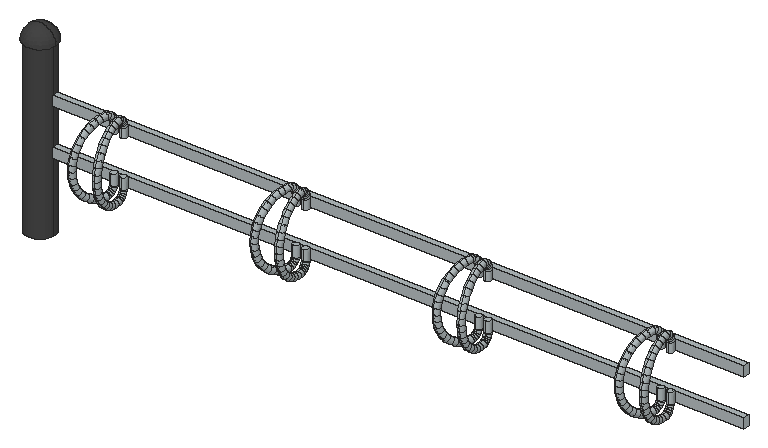
Revit family "Sirius 4 Pl Sned", category Furniture, Revit 2020
Family settings
  OmniClass Number = 23.21.23.13.15
  Work Plane-Based = No
  Always vertical = Yes
  Cut with Voids When Loaded = No
  Shared = No
  Room Calculation Point = No
Parameters (values of type "8003077 / Black - Galvanized")
  Uniclass 1.4 Description = "Furniture"
  Uniclass 1.4 Code = "L8211"
  URL = "https://www.hags.com/"
  QR code = "https://www.hags.com/en-us/furniture/park-and-urban-furniture/bicycle-storage/sirius-cycle-stand/not-applicable-cast-in-place-sned-4-pl-aug-2010-black-galv"
  Product url = "https://www.hags.com/en-us/furniture/park-and-urban-furniture/bicycle-storage/sirius-cycle-stand/not-applicable-cast-in-place-sned-4-pl-aug-2010-black-galv"
  Product name = "Sirius Cycle Stand Cast In Place 4 PL"
  Product data url = "https://bimobject.com/hags/product/sofa_sofiero_detached"
  Product SKU = "Sirius_Cycle_Stand_Detached"
  Product Guid = "90e49432-c870-4a59-897e-b15016e8f9bd"
  OmniClass Description = "BICYCLE STORAGE"
  OmniClass Code = "23-21 23 13 15"
  Model = "8003077"
  Manufacturer name = "HAGS"
  Manufacturer = "Hags"
  IFC Classification = "Furniture"
  Edition number = 1
  Description = ""
  Default Elevation = 0 mm
  Construction material = Hags - Steel - Powder coated - Black
  Body material_90 = Hags - Steel - Galvanized
  Body material = Hags - Steel - Galvanized
  BIMobject category = "PARK AND URBAN FURNITURE"
Reference planes
  plane 1 "Center (Front/Back)": y = 0
  plane 2: z = 0
  plane 3 "Center (Left/Right)": x = 0
Forms (mm)
  Extrusion 1, solid, material "Hags - Steel - Galvanized" <- "Body material"
    sketch origin (1.365, -9.603, 369.929) x (1, 0, 0) y (0, 1, 0)
      loop
        line (45, 10) -> (45, -10) -> (2269.901, -10) -> (2269.901, 10) -> (45, 10)
    from 10 to 40
  Extrusion 2, solid, material "Hags - Steel - Powder coated - Black" <- "Construction material"
    sketch origin (1.256, -9.603, 0) x (1, 0, 0) y (0, 1, 0)
      loop
        circle (0, 0) r 45
    from 0 to 549.709
  Revolve 3, solid, material "Hags - Steel - Powder coated - Black" <- "Construction material"
    sketch origin (-157.494, -9.976, 679.925) x (1, 0, 0) y (0, 0, -1)
      loop
        arc (158.761, 80.421) -> (194.116, 95.065) -> (208.761, 130.421) r 50
        line (208.761, 130.421) -> (207.761, 130.421)
        arc (207.761, 130.421) -> (193.409, 95.772) -> (158.761, 81.421) r 49
        line (158.761, 81.421) -> (158.761, 80.421)
      axis (158.761, 80.421) -> (158.761, 130.421)
    angle from 0 to 360
  Extrusion 4, solid, material "Hags - Steel - Galvanized" <- "Body material"
    sketch origin (1.365, -9.603, 220) x (1, 0, 0) y (0, 1, 0)
      loop
        line (45, 10) -> (45, -10) -> (2269.901, -10) -> (2269.901, 10) -> (45, 10)
    from 10 to 40
  Sweep 5, solid, material "Hags - Steel - Galvanized" <- "Body material"
    path in 3D
      loop
        line (284.399, -28.912, 379.243) -> (284.399, -28.912, 409.356) -> (284.665, -30.416, 417.342) -> (285.316, -34.108, 425.042) -> (286.286, -39.612, 430.632) -> (287.965, -49.133, 436.349) -> (289.347, -56.972, 437.365) -> (292.522, -74.978, 434.786) -> (295.203, -90.181, 431.456) -> (297.994, -106.011, 424.537) -> (300.723, -121.485, 415.172) -> (303.109, -135.021, 403.262) -> (305.21, -146.933, 388.659) -> (306.856, -156.271, 373.149) -> (308.013, -162.829, 356.943) -> (308.792, -167.247, 339.38) -> (309.009, -168.477, 321.297) -> (308.744, -166.976, 303.115) -> (308.016, -162.845, 285.057) -> (306.889, -156.455, 268.21) -> (305.171, -146.715, 252.347) -> (303.187, -135.458, 238.586) -> (300.759, -121.692, 226.912) -> (298.069, -106.433, 217.568) -> (295.162, -89.947, 210.351) -> (292.187, -73.075, 206.279) -> (288.99, -54.946, 204.888) -> (287.744, -47.88, 206.305) -> (286.375, -40.117, 210.646) -> (285.399, -34.582, 217.063) -> (284.552, -29.777, 225.614) -> (284.444, -29.163, 229.974) -> (284.444, -29.163, 262.737)
    profile origin (284.444, -29.163, 246.356) x (0, 1, 0) y (-1, 0, 0)
      loop
        circle (0, 0) r 10
  Sweep 6, solid, material "Hags - Steel - Galvanized" <- "Body material"
    path in 3D
      loop
        line (254.031, -29.133, 379.797) -> (254.031, -29.133, 409.91) -> (253.766, -30.637, 417.896) -> (253.115, -34.329, 425.596) -> (252.145, -39.834, 431.186) -> (250.466, -49.355, 436.903) -> (249.084, -57.193, 437.919) -> (245.909, -75.199, 435.34) -> (243.228, -90.403, 432.01) -> (240.437, -106.232, 425.091) -> (237.708, -121.706, 415.726) -> (235.321, -135.242, 403.816) -> (233.221, -147.154, 389.213) -> (231.574, -156.492, 373.703) -> (230.418, -163.05, 357.497) -> (229.639, -167.468, 339.934) -> (229.422, -168.699, 321.851) -> (229.687, -167.198, 303.669) -> (230.415, -163.066, 285.611) -> (231.542, -156.676, 268.764) -> (233.259, -146.936, 252.901) -> (235.244, -135.679, 239.14) -> (237.672, -121.914, 227.466) -> (240.362, -106.654, 218.122) -> (243.269, -90.169, 210.905) -> (246.244, -73.297, 206.833) -> (249.441, -55.167, 205.442) -> (250.687, -48.101, 206.859) -> (252.056, -40.338, 211.2) -> (253.032, -34.803, 217.617) -> (253.879, -29.998, 226.168) -> (253.987, -29.385, 230.528) -> (253.987, -29.385, 263.291)
    profile origin (253.987, -29.385, 246.91) x (0, 1, 0) y (-1, 0, 0)
      loop
        circle (0, 0) r 10
  Sweep 7, solid, material "Hags - Steel - Galvanized" <- "Body material"
    path in 3D
      loop
        line (2044.399, -28.912, 379.243) -> (2044.399, -28.912, 409.356) -> (2044.665, -30.416, 417.342) -> (2045.316, -34.108, 425.042) -> (2046.286, -39.612, 430.632) -> (2047.965, -49.133, 436.349) -> (2049.347, -56.972, 437.365) -> (2052.522, -74.978, 434.786) -> (2055.203, -90.181, 431.456) -> (2057.994, -106.011, 424.537) -> (2060.723, -121.485, 415.172) -> (2063.109, -135.021, 403.262) -> (2065.21, -146.933, 388.659) -> (2066.856, -156.271, 373.149) -> (2068.013, -162.829, 356.943) -> (2068.792, -167.247, 339.38) -> (2069.009, -168.477, 321.297) -> (2068.744, -166.976, 303.115) -> (2068.016, -162.845, 285.057) -> (2066.889, -156.455, 268.21) -> (2065.171, -146.715, 252.347) -> (2063.187, -135.458, 238.586) -> (2060.759, -121.692, 226.912) -> (2058.069, -106.433, 217.568) -> (2055.162, -89.947, 210.351) -> (2052.187, -73.075, 206.279) -> (2048.99, -54.946, 204.888) -> (2047.744, -47.88, 206.305) -> (2046.375, -40.117, 210.646) -> (2045.399, -34.582, 217.063) -> (2044.552, -29.777, 225.614) -> (2044.444, -29.163, 229.974) -> (2044.444, -29.163, 262.737)
    profile origin (2044.444, -29.163, 246.356) x (0, 1, 0) y (-1, 0, 0)
      loop
        circle (0, 0) r 10
  Sweep 8, solid, material "Hags - Steel - Galvanized" <- "Body material"
    path in 3D
      loop
        line (2014.031, -29.133, 379.797) -> (2014.031, -29.133, 409.91) -> (2013.766, -30.637, 417.896) -> (2013.115, -34.329, 425.596) -> (2012.145, -39.834, 431.186) -> (2010.466, -49.355, 436.903) -> (2009.084, -57.193, 437.919) -> (2005.909, -75.199, 435.34) -> (2003.228, -90.403, 432.01) -> (2000.437, -106.232, 425.091) -> (1997.708, -121.706, 415.726) -> (1995.321, -135.242, 403.816) -> (1993.221, -147.154, 389.213) -> (1991.574, -156.492, 373.703) -> (1990.418, -163.05, 357.497) -> (1989.639, -167.468, 339.934) -> (1989.422, -168.699, 321.851) -> (1989.687, -167.198, 303.669) -> (1990.415, -163.066, 285.611) -> (1991.542, -156.676, 268.764) -> (1993.259, -146.936, 252.901) -> (1995.244, -135.679, 239.14) -> (1997.672, -121.914, 227.466) -> (2000.362, -106.654, 218.122) -> (2003.269, -90.169, 210.905) -> (2006.244, -73.297, 206.833) -> (2009.441, -55.167, 205.442) -> (2010.687, -48.101, 206.859) -> (2012.056, -40.338, 211.2) -> (2013.032, -34.803, 217.617) -> (2013.879, -29.998, 226.168) -> (2013.987, -29.385, 230.528) -> (2013.987, -29.385, 263.291)
    profile origin (2013.987, -29.385, 246.91) x (0, 1, 0) y (-1, 0, 0)
      loop
        circle (0, 0) r 10
  Sweep 9, solid, material "Hags - Steel - Galvanized" <- "Body material"
    path in 3D
      loop
        line (871.066, -28.912, 379.243) -> (871.066, -28.912, 409.356) -> (871.331, -30.416, 417.342) -> (871.982, -34.108, 425.042) -> (872.953, -39.612, 430.632) -> (874.632, -49.133, 436.349) -> (876.014, -56.972, 437.365) -> (879.189, -74.978, 434.786) -> (881.87, -90.181, 431.456) -> (884.661, -106.011, 424.537) -> (887.389, -121.485, 415.172) -> (889.776, -135.021, 403.262) -> (891.877, -146.933, 388.659) -> (893.523, -156.271, 373.149) -> (894.679, -162.829, 356.943) -> (895.458, -167.247, 339.38) -> (895.675, -168.477, 321.297) -> (895.411, -166.976, 303.115) -> (894.682, -162.845, 285.057) -> (893.555, -156.455, 268.21) -> (891.838, -146.715, 252.347) -> (889.853, -135.458, 238.586) -> (887.426, -121.692, 226.912) -> (884.735, -106.433, 217.568) -> (881.828, -89.947, 210.351) -> (878.853, -73.075, 206.279) -> (875.657, -54.946, 204.888) -> (874.411, -47.88, 206.305) -> (873.042, -40.117, 210.646) -> (872.066, -34.582, 217.063) -> (871.219, -29.777, 225.614) -> (871.111, -29.163, 229.974) -> (871.111, -29.163, 262.737)
    profile origin (871.111, -29.163, 246.356) x (0, 1, 0) y (-1, 0, 0)
      loop
        circle (0, 0) r 10
  Sweep 10, solid, material "Hags - Steel - Galvanized" <- "Body material"
    path in 3D
      loop
        line (840.698, -29.133, 379.797) -> (840.698, -29.133, 409.91) -> (840.433, -30.637, 417.896) -> (839.782, -34.329, 425.596) -> (838.811, -39.834, 431.186) -> (837.132, -49.355, 436.903) -> (835.75, -57.193, 437.919) -> (832.575, -75.199, 435.34) -> (829.894, -90.403, 432.01) -> (827.103, -106.232, 425.091) -> (824.375, -121.706, 415.726) -> (821.988, -135.242, 403.816) -> (819.888, -147.154, 389.213) -> (818.241, -156.492, 373.703) -> (817.085, -163.05, 357.497) -> (816.306, -167.468, 339.934) -> (816.089, -168.699, 321.851) -> (816.353, -167.198, 303.669) -> (817.082, -163.066, 285.611) -> (818.209, -156.676, 268.764) -> (819.926, -146.936, 252.901) -> (821.911, -135.679, 239.14) -> (824.338, -121.914, 227.466) -> (827.029, -106.654, 218.122) -> (829.936, -90.169, 210.905) -> (832.911, -73.297, 206.833) -> (836.108, -55.167, 205.442) -> (837.353, -48.101, 206.859) -> (838.722, -40.338, 211.2) -> (839.698, -34.803, 217.617) -> (840.545, -29.998, 226.168) -> (840.654, -29.385, 230.528) -> (840.654, -29.385, 263.291)
    profile origin (840.654, -29.385, 246.91) x (0, 1, 0) y (-1, 0, 0)
      loop
        circle (0, 0) r 10
  Sweep 11, solid, material "Hags - Steel - Galvanized" <- "Body material"
    path in 3D
      loop
        line (1457.733, -28.912, 379.243) -> (1457.733, -28.912, 409.356) -> (1457.998, -30.416, 417.342) -> (1458.649, -34.108, 425.042) -> (1459.62, -39.612, 430.632) -> (1461.298, -49.133, 436.349) -> (1462.681, -56.972, 437.365) -> (1465.856, -74.978, 434.786) -> (1468.536, -90.181, 431.456) -> (1471.328, -106.011, 424.537) -> (1474.056, -121.485, 415.172) -> (1476.443, -135.021, 403.262) -> (1478.543, -146.933, 388.659) -> (1480.19, -156.271, 373.149) -> (1481.346, -162.829, 356.943) -> (1482.125, -167.247, 339.38) -> (1482.342, -168.477, 321.297) -> (1482.077, -166.976, 303.115) -> (1481.349, -162.845, 285.057) -> (1480.222, -156.455, 268.21) -> (1478.505, -146.715, 252.347) -> (1476.52, -135.458, 238.586) -> (1474.093, -121.692, 226.912) -> (1471.402, -106.433, 217.568) -> (1468.495, -89.947, 210.351) -> (1465.52, -73.075, 206.279) -> (1462.323, -54.946, 204.888) -> (1461.077, -47.88, 206.305) -> (1459.709, -40.117, 210.646) -> (1458.733, -34.582, 217.063) -> (1457.885, -29.777, 225.614) -> (1457.777, -29.163, 229.974) -> (1457.777, -29.163, 262.737)
    profile origin (1457.777, -29.163, 246.356) x (0, 1, 0) y (-1, 0, 0)
      loop
        circle (0, 0) r 10
  Sweep 12, solid, material "Hags - Steel - Galvanized" <- "Body material"
    path in 3D
      loop
        line (1427.365, -29.133, 379.797) -> (1427.365, -29.133, 409.91) -> (1427.099, -30.637, 417.896) -> (1426.448, -34.329, 425.596) -> (1425.478, -39.834, 431.186) -> (1423.799, -49.355, 436.903) -> (1422.417, -57.193, 437.919) -> (1419.242, -75.199, 435.34) -> (1416.561, -90.403, 432.01) -> (1413.77, -106.232, 425.091) -> (1411.041, -121.706, 415.726) -> (1408.655, -135.242, 403.816) -> (1406.554, -147.154, 389.213) -> (1404.908, -156.492, 373.703) -> (1403.751, -163.05, 357.497) -> (1402.972, -167.468, 339.934) -> (1402.755, -168.699, 321.851) -> (1403.02, -167.198, 303.669) -> (1403.749, -163.066, 285.611) -> (1404.875, -156.676, 268.764) -> (1406.593, -146.936, 252.901) -> (1408.578, -135.679, 239.14) -> (1411.005, -121.914, 227.466) -> (1413.696, -106.654, 218.122) -> (1416.602, -90.169, 210.905) -> (1419.577, -73.297, 206.833) -> (1422.774, -55.167, 205.442) -> (1424.02, -48.101, 206.859) -> (1425.389, -40.338, 211.2) -> (1426.365, -34.803, 217.617) -> (1427.212, -29.998, 226.168) -> (1427.32, -29.385, 230.528) -> (1427.32, -29.385, 263.291)
    profile origin (1427.32, -29.385, 246.91) x (0, 1, 0) y (-1, 0, 0)
      loop
        circle (0, 0) r 10
Lines and regions (mm)
  sketch lines
    curve 1: line (284.444, -29.163, 229.974) -> (284.444, -29.163, 262.737)
    curve 2: line (284.552, -29.777, 225.614) -> (284.444, -29.163, 229.974)
    curve 3: line (285.399, -34.582, 217.063) -> (284.552, -29.777, 225.614)
    curve 4: line (286.375, -40.117, 210.646) -> (285.399, -34.582, 217.063)
    curve 5: line (287.744, -47.88, 206.305) -> (286.375, -40.117, 210.646)
    curve 6: line (288.99, -54.946, 204.888) -> (287.744, -47.88, 206.305)
    curve 7: line (292.187, -73.075, 206.279) -> (288.99, -54.946, 204.888)
    curve 8: line (295.162, -89.947, 210.351) -> (292.187, -73.075, 206.279)
    curve 9: line (298.069, -106.433, 217.568) -> (295.162, -89.947, 210.351)
    curve 10: line (300.759, -121.692, 226.912) -> (298.069, -106.433, 217.568)
    curve 11: line (303.187, -135.458, 238.586) -> (300.759, -121.692, 226.912)
    curve 12: line (305.171, -146.715, 252.347) -> (303.187, -135.458, 238.586)
    curve 13: line (306.889, -156.455, 268.21) -> (305.171, -146.715, 252.347)
    curve 14: line (308.016, -162.845, 285.057) -> (306.889, -156.455, 268.21)
    curve 15: line (308.744, -166.976, 303.115) -> (308.016, -162.845, 285.057)
    curve 16: line (309.009, -168.477, 321.297) -> (308.744, -166.976, 303.115)
    curve 17: line (308.792, -167.247, 339.38) -> (309.009, -168.477, 321.297)
    curve 18: line (308.013, -162.829, 356.943) -> (308.792, -167.247, 339.38)
    curve 19: line (306.856, -156.271, 373.149) -> (308.013, -162.829, 356.943)
    curve 20: line (305.21, -146.933, 388.659) -> (306.856, -156.271, 373.149)
    curve 21: line (303.109, -135.021, 403.262) -> (305.21, -146.933, 388.659)
    curve 22: line (300.723, -121.485, 415.172) -> (303.109, -135.021, 403.262)
    curve 23: line (297.994, -106.011, 424.537) -> (300.723, -121.485, 415.172)
    curve 24: line (295.203, -90.181, 431.456) -> (297.994, -106.011, 424.537)
    curve 25: line (292.522, -74.978, 434.786) -> (295.203, -90.181, 431.456)
    curve 26: line (289.347, -56.972, 437.365) -> (292.522, -74.978, 434.786)
    curve 27: line (287.965, -49.133, 436.349) -> (289.347, -56.972, 437.365)
    curve 28: line (286.286, -39.612, 430.632) -> (287.965, -49.133, 436.349)
    curve 29: line (285.316, -34.108, 425.042) -> (286.286, -39.612, 430.632)
    curve 30: line (284.665, -30.416, 417.342) -> (285.316, -34.108, 425.042)
    curve 31: line (284.399, -28.912, 409.356) -> (284.665, -30.416, 417.342)
    curve 32: line (284.399, -28.912, 379.243) -> (284.399, -28.912, 409.356)
    curve 33: line (253.987, -29.385, 230.528) -> (253.987, -29.385, 263.291)
    curve 34: line (253.879, -29.998, 226.168) -> (253.987, -29.385, 230.528)
    curve 35: line (253.032, -34.803, 217.617) -> (253.879, -29.998, 226.168)
    curve 36: line (252.056, -40.338, 211.2) -> (253.032, -34.803, 217.617)
    curve 37: line (250.687, -48.101, 206.859) -> (252.056, -40.338, 211.2)
    curve 38: line (249.441, -55.167, 205.442) -> (250.687, -48.101, 206.859)
    curve 39: line (246.244, -73.297, 206.833) -> (249.441, -55.167, 205.442)
    curve 40: line (243.269, -90.169, 210.905) -> (246.244, -73.297, 206.833)
    curve 41: line (240.362, -106.654, 218.122) -> (243.269, -90.169, 210.905)
    curve 42: line (237.672, -121.914, 227.466) -> (240.362, -106.654, 218.122)
    curve 43: line (235.244, -135.679, 239.14) -> (237.672, -121.914, 227.466)
    curve 44: line (233.259, -146.936, 252.901) -> (235.244, -135.679, 239.14)
    curve 45: line (231.542, -156.676, 268.764) -> (233.259, -146.936, 252.901)
    curve 46: line (230.415, -163.066, 285.611) -> (231.542, -156.676, 268.764)
    curve 47: line (229.687, -167.198, 303.669) -> (230.415, -163.066, 285.611)
    curve 48: line (229.422, -168.699, 321.851) -> (229.687, -167.198, 303.669)
    curve 49: line (229.639, -167.468, 339.934) -> (229.422, -168.699, 321.851)
    curve 50: line (230.418, -163.05, 357.497) -> (229.639, -167.468, 339.934)
    curve 51: line (231.574, -156.492, 373.703) -> (230.418, -163.05, 357.497)
    curve 52: line (233.221, -147.154, 389.213) -> (231.574, -156.492, 373.703)
    curve 53: line (235.321, -135.242, 403.816) -> (233.221, -147.154, 389.213)
    curve 54: line (237.708, -121.706, 415.726) -> (235.321, -135.242, 403.816)
    curve 55: line (240.437, -106.232, 425.091) -> (237.708, -121.706, 415.726)
    curve 56: line (243.228, -90.403, 432.01) -> (240.437, -106.232, 425.091)
    curve 57: line (245.909, -75.199, 435.34) -> (243.228, -90.403, 432.01)
    curve 58: line (249.084, -57.193, 437.919) -> (245.909, -75.199, 435.34)
    curve 59: line (250.466, -49.355, 436.903) -> (249.084, -57.193, 437.919)
    curve 60: line (252.145, -39.834, 431.186) -> (250.466, -49.355, 436.903)
    curve 61: line (253.115, -34.329, 425.596) -> (252.145, -39.834, 431.186)
    curve 62: line (253.766, -30.637, 417.896) -> (253.115, -34.329, 425.596)
    curve 63: line (254.031, -29.133, 409.91) -> (253.766, -30.637, 417.896)
    curve 64: line (254.031, -29.133, 379.797) -> (254.031, -29.133, 409.91)
    curve 66: line (2044.444, -29.163, 229.974) -> (2044.444, -29.163, 262.737)
    curve 67: line (2044.552, -29.777, 225.614) -> (2044.444, -29.163, 229.974)
    curve 68: line (2045.399, -34.582, 217.063) -> (2044.552, -29.777, 225.614)
    curve 69: line (2046.375, -40.117, 210.646) -> (2045.399, -34.582, 217.063)
    curve 70: line (2047.744, -47.88, 206.305) -> (2046.375, -40.117, 210.646)
    curve 71: line (2048.99, -54.946, 204.888) -> (2047.744, -47.88, 206.305)
    curve 72: line (2052.187, -73.075, 206.279) -> (2048.99, -54.946, 204.888)
    curve 73: line (2055.162, -89.947, 210.351) -> (2052.187, -73.075, 206.279)
    curve 74: line (2058.069, -106.433, 217.568) -> (2055.162, -89.947, 210.351)
    curve 75: line (2060.759, -121.692, 226.912) -> (2058.069, -106.433, 217.568)
    curve 76: line (2063.187, -135.458, 238.586) -> (2060.759, -121.692, 226.912)
    curve 77: line (2065.171, -146.715, 252.347) -> (2063.187, -135.458, 238.586)
    curve 78: line (2066.889, -156.455, 268.21) -> (2065.171, -146.715, 252.347)
    curve 79: line (2068.016, -162.845, 285.057) -> (2066.889, -156.455, 268.21)
    curve 80: line (2068.744, -166.976, 303.115) -> (2068.016, -162.845, 285.057)
    curve 81: line (2069.009, -168.477, 321.297) -> (2068.744, -166.976, 303.115)
    curve 82: line (2068.792, -167.247, 339.38) -> (2069.009, -168.477, 321.297)
    curve 83: line (2068.013, -162.829, 356.943) -> (2068.792, -167.247, 339.38)
    curve 84: line (2066.856, -156.271, 373.149) -> (2068.013, -162.829, 356.943)
    curve 85: line (2065.21, -146.933, 388.659) -> (2066.856, -156.271, 373.149)
    curve 86: line (2063.109, -135.021, 403.262) -> (2065.21, -146.933, 388.659)
    curve 87: line (2060.723, -121.485, 415.172) -> (2063.109, -135.021, 403.262)
    curve 88: line (2057.994, -106.011, 424.537) -> (2060.723, -121.485, 415.172)
    curve 89: line (2055.203, -90.181, 431.456) -> (2057.994, -106.011, 424.537)
    curve 90: line (2052.522, -74.978, 434.786) -> (2055.203, -90.181, 431.456)
    curve 91: line (2049.347, -56.972, 437.365) -> (2052.522, -74.978, 434.786)
    curve 92: line (2047.965, -49.133, 436.349) -> (2049.347, -56.972, 437.365)
    curve 93: line (2046.286, -39.612, 430.632) -> (2047.965, -49.133, 436.349)
    curve 94: line (2045.316, -34.108, 425.042) -> (2046.286, -39.612, 430.632)
    curve 95: line (2044.665, -30.416, 417.342) -> (2045.316, -34.108, 425.042)
    curve 96: line (2044.399, -28.912, 409.356) -> (2044.665, -30.416, 417.342)
    curve 97: line (2044.399, -28.912, 379.243) -> (2044.399, -28.912, 409.356)
    curve 98: line (2013.987, -29.385, 230.528) -> (2013.987, -29.385, 263.291)
    curve 99: line (2013.879, -29.998, 226.168) -> (2013.987, -29.385, 230.528)
    curve 100: line (2013.032, -34.803, 217.617) -> (2013.879, -29.998, 226.168)
    curve 101: line (2012.056, -40.338, 211.2) -> (2013.032, -34.803, 217.617)
    curve 102: line (2010.687, -48.101, 206.859) -> (2012.056, -40.338, 211.2)
    curve 103: line (2009.441, -55.167, 205.442) -> (2010.687, -48.101, 206.859)
    curve 104: line (2006.244, -73.297, 206.833) -> (2009.441, -55.167, 205.442)
    curve 105: line (2003.269, -90.169, 210.905) -> (2006.244, -73.297, 206.833)
    curve 106: line (2000.362, -106.654, 218.122) -> (2003.269, -90.169, 210.905)
    curve 107: line (1997.672, -121.914, 227.466) -> (2000.362, -106.654, 218.122)
    curve 108: line (1995.244, -135.679, 239.14) -> (1997.672, -121.914, 227.466)
    curve 109: line (1993.259, -146.936, 252.901) -> (1995.244, -135.679, 239.14)
    curve 110: line (1991.542, -156.676, 268.764) -> (1993.259, -146.936, 252.901)
    curve 111: line (1990.415, -163.066, 285.611) -> (1991.542, -156.676, 268.764)
    curve 112: line (1989.687, -167.198, 303.669) -> (1990.415, -163.066, 285.611)
    curve 113: line (1989.422, -168.699, 321.851) -> (1989.687, -167.198, 303.669)
    curve 114: line (1989.639, -167.468, 339.934) -> (1989.422, -168.699, 321.851)
    curve 115: line (1990.418, -163.05, 357.497) -> (1989.639, -167.468, 339.934)
    curve 116: line (1991.574, -156.492, 373.703) -> (1990.418, -163.05, 357.497)
    curve 117: line (1993.221, -147.154, 389.213) -> (1991.574, -156.492, 373.703)
    curve 118: line (1995.321, -135.242, 403.816) -> (1993.221, -147.154, 389.213)
    curve 119: line (1997.708, -121.706, 415.726) -> (1995.321, -135.242, 403.816)
    curve 120: line (2000.437, -106.232, 425.091) -> (1997.708, -121.706, 415.726)
    curve 121: line (2003.228, -90.403, 432.01) -> (2000.437, -106.232, 425.091)
    curve 122: line (2005.909, -75.199, 435.34) -> (2003.228, -90.403, 432.01)
    curve 123: line (2009.084, -57.193, 437.919) -> (2005.909, -75.199, 435.34)
    curve 124: line (2010.466, -49.355, 436.903) -> (2009.084, -57.193, 437.919)
    curve 125: line (2012.145, -39.834, 431.186) -> (2010.466, -49.355, 436.903)
    curve 126: line (2013.115, -34.329, 425.596) -> (2012.145, -39.834, 431.186)
    curve 127: line (2013.766, -30.637, 417.896) -> (2013.115, -34.329, 425.596)
    curve 128: line (2014.031, -29.133, 409.91) -> (2013.766, -30.637, 417.896)
    curve 129: line (2014.031, -29.133, 379.797) -> (2014.031, -29.133, 409.91)
    curve 130: line (871.111, -29.163, 229.974) -> (871.111, -29.163, 262.737)
    curve 131: line (871.219, -29.777, 225.614) -> (871.111, -29.163, 229.974)
    curve 132: line (872.066, -34.582, 217.063) -> (871.219, -29.777, 225.614)
    curve 133: line (873.042, -40.117, 210.646) -> (872.066, -34.582, 217.063)
    curve 134: line (874.411, -47.88, 206.305) -> (873.042, -40.117, 210.646)
    curve 135: line (875.657, -54.946, 204.888) -> (874.411, -47.88, 206.305)
    curve 136: line (878.853, -73.075, 206.279) -> (875.657, -54.946, 204.888)
    curve 137: line (881.828, -89.947, 210.351) -> (878.853, -73.075, 206.279)
    curve 138: line (884.735, -106.433, 217.568) -> (881.828, -89.947, 210.351)
    curve 139: line (887.426, -121.692, 226.912) -> (884.735, -106.433, 217.568)
    curve 140: line (889.853, -135.458, 238.586) -> (887.426, -121.692, 226.912)
    curve 141: line (891.838, -146.715, 252.347) -> (889.853, -135.458, 238.586)
    curve 142: line (893.555, -156.455, 268.21) -> (891.838, -146.715, 252.347)
    curve 143: line (894.682, -162.845, 285.057) -> (893.555, -156.455, 268.21)
    curve 144: line (895.411, -166.976, 303.115) -> (894.682, -162.845, 285.057)
    curve 145: line (895.675, -168.477, 321.297) -> (895.411, -166.976, 303.115)
    curve 146: line (895.458, -167.247, 339.38) -> (895.675, -168.477, 321.297)
    curve 147: line (894.679, -162.829, 356.943) -> (895.458, -167.247, 339.38)
    curve 148: line (893.523, -156.271, 373.149) -> (894.679, -162.829, 356.943)
    curve 149: line (891.877, -146.933, 388.659) -> (893.523, -156.271, 373.149)
    curve 150: line (889.776, -135.021, 403.262) -> (891.877, -146.933, 388.659)
    curve 151: line (887.389, -121.485, 415.172) -> (889.776, -135.021, 403.262)
    curve 152: line (884.661, -106.011, 424.537) -> (887.389, -121.485, 415.172)
    curve 153: line (881.87, -90.181, 431.456) -> (884.661, -106.011, 424.537)
    curve 154: line (879.189, -74.978, 434.786) -> (881.87, -90.181, 431.456)
    curve 155: line (876.014, -56.972, 437.365) -> (879.189, -74.978, 434.786)
    curve 156: line (874.632, -49.133, 436.349) -> (876.014, -56.972, 437.365)
    curve 157: line (872.953, -39.612, 430.632) -> (874.632, -49.133, 436.349)
    curve 158: line (871.982, -34.108, 425.042) -> (872.953, -39.612, 430.632)
    curve 159: line (871.331, -30.416, 417.342) -> (871.982, -34.108, 425.042)
    curve 160: line (871.066, -28.912, 409.356) -> (871.331, -30.416, 417.342)
    curve 161: line (871.066, -28.912, 379.243) -> (871.066, -28.912, 409.356)
    curve 162: line (840.654, -29.385, 230.528) -> (840.654, -29.385, 263.291)
    curve 163: line (840.545, -29.998, 226.168) -> (840.654, -29.385, 230.528)
    curve 164: line (839.698, -34.803, 217.617) -> (840.545, -29.998, 226.168)
    curve 165: line (838.722, -40.338, 211.2) -> (839.698, -34.803, 217.617)
    curve 166: line (837.353, -48.101, 206.859) -> (838.722, -40.338, 211.2)
    curve 167: line (836.108, -55.167, 205.442) -> (837.353, -48.101, 206.859)
    curve 168: line (832.911, -73.297, 206.833) -> (836.108, -55.167, 205.442)
    curve 169: line (829.936, -90.169, 210.905) -> (832.911, -73.297, 206.833)
    curve 170: line (827.029, -106.654, 218.122) -> (829.936, -90.169, 210.905)
    curve 171: line (824.338, -121.914, 227.466) -> (827.029, -106.654, 218.122)
    curve 172: line (821.911, -135.679, 239.14) -> (824.338, -121.914, 227.466)
    curve 173: line (819.926, -146.936, 252.901) -> (821.911, -135.679, 239.14)
    curve 174: line (818.209, -156.676, 268.764) -> (819.926, -146.936, 252.901)
    curve 175: line (817.082, -163.066, 285.611) -> (818.209, -156.676, 268.764)
    curve 176: line (816.353, -167.198, 303.669) -> (817.082, -163.066, 285.611)
    curve 177: line (816.089, -168.699, 321.851) -> (816.353, -167.198, 303.669)
    curve 178: line (816.306, -167.468, 339.934) -> (816.089, -168.699, 321.851)
    curve 179: line (817.085, -163.05, 357.497) -> (816.306, -167.468, 339.934)
    curve 180: line (818.241, -156.492, 373.703) -> (817.085, -163.05, 357.497)
    curve 181: line (819.888, -147.154, 389.213) -> (818.241, -156.492, 373.703)
    curve 182: line (821.988, -135.242, 403.816) -> (819.888, -147.154, 389.213)
    curve 183: line (824.375, -121.706, 415.726) -> (821.988, -135.242, 403.816)
    curve 184: line (827.103, -106.232, 425.091) -> (824.375, -121.706, 415.726)
    curve 185: line (829.894, -90.403, 432.01) -> (827.103, -106.232, 425.091)
    curve 186: line (832.575, -75.199, 435.34) -> (829.894, -90.403, 432.01)
    curve 187: line (835.75, -57.193, 437.919) -> (832.575, -75.199, 435.34)
    curve 188: line (837.132, -49.355, 436.903) -> (835.75, -57.193, 437.919)
    curve 189: line (838.811, -39.834, 431.186) -> (837.132, -49.355, 436.903)
    curve 190: line (839.782, -34.329, 425.596) -> (838.811, -39.834, 431.186)
    curve 191: line (840.433, -30.637, 417.896) -> (839.782, -34.329, 425.596)
    curve 192: line (840.698, -29.133, 409.91) -> (840.433, -30.637, 417.896)
    curve 193: line (840.698, -29.133, 379.797) -> (840.698, -29.133, 409.91)
    curve 194: line (1457.777, -29.163, 229.974) -> (1457.777, -29.163, 262.737)
    curve 195: line (1457.885, -29.777, 225.614) -> (1457.777, -29.163, 229.974)
    curve 196: line (1458.733, -34.582, 217.063) -> (1457.885, -29.777, 225.614)
    curve 197: line (1459.709, -40.117, 210.646) -> (1458.733, -34.582, 217.063)
    curve 198: line (1461.077, -47.88, 206.305) -> (1459.709, -40.117, 210.646)
    curve 199: line (1462.323, -54.946, 204.888) -> (1461.077, -47.88, 206.305)
    curve 200: line (1465.52, -73.075, 206.279) -> (1462.323, -54.946, 204.888)
    curve 201: line (1468.495, -89.947, 210.351) -> (1465.52, -73.075, 206.279)
    curve 202: line (1471.402, -106.433, 217.568) -> (1468.495, -89.947, 210.351)
    curve 203: line (1474.093, -121.692, 226.912) -> (1471.402, -106.433, 217.568)
    curve 204: line (1476.52, -135.458, 238.586) -> (1474.093, -121.692, 226.912)
    curve 205: line (1478.505, -146.715, 252.347) -> (1476.52, -135.458, 238.586)
    curve 206: line (1480.222, -156.455, 268.21) -> (1478.505, -146.715, 252.347)
    curve 207: line (1481.349, -162.845, 285.057) -> (1480.222, -156.455, 268.21)
    curve 208: line (1482.077, -166.976, 303.115) -> (1481.349, -162.845, 285.057)
    curve 209: line (1482.342, -168.477, 321.297) -> (1482.077, -166.976, 303.115)
    curve 210: line (1482.125, -167.247, 339.38) -> (1482.342, -168.477, 321.297)
    curve 211: line (1481.346, -162.829, 356.943) -> (1482.125, -167.247, 339.38)
    curve 212: line (1480.19, -156.271, 373.149) -> (1481.346, -162.829, 356.943)
    curve 213: line (1478.543, -146.933, 388.659) -> (1480.19, -156.271, 373.149)
    curve 214: line (1476.443, -135.021, 403.262) -> (1478.543, -146.933, 388.659)
    curve 215: line (1474.056, -121.485, 415.172) -> (1476.443, -135.021, 403.262)
    curve 216: line (1471.328, -106.011, 424.537) -> (1474.056, -121.485, 415.172)
    curve 217: line (1468.536, -90.181, 431.456) -> (1471.328, -106.011, 424.537)
    curve 218: line (1465.856, -74.978, 434.786) -> (1468.536, -90.181, 431.456)
    curve 219: line (1462.681, -56.972, 437.365) -> (1465.856, -74.978, 434.786)
    curve 220: line (1461.298, -49.133, 436.349) -> (1462.681, -56.972, 437.365)
    curve 221: line (1459.62, -39.612, 430.632) -> (1461.298, -49.133, 436.349)
    curve 222: line (1458.649, -34.108, 425.042) -> (1459.62, -39.612, 430.632)
    curve 223: line (1457.998, -30.416, 417.342) -> (1458.649, -34.108, 425.042)
    curve 224: line (1457.733, -28.912, 409.356) -> (1457.998, -30.416, 417.342)
    curve 225: line (1457.733, -28.912, 379.243) -> (1457.733, -28.912, 409.356)
    curve 226: line (1427.32, -29.385, 230.528) -> (1427.32, -29.385, 263.291)
    curve 227: line (1427.212, -29.998, 226.168) -> (1427.32, -29.385, 230.528)
    curve 228: line (1426.365, -34.803, 217.617) -> (1427.212, -29.998, 226.168)
    curve 229: line (1425.389, -40.338, 211.2) -> (1426.365, -34.803, 217.617)
    curve 230: line (1424.02, -48.101, 206.859) -> (1425.389, -40.338, 211.2)
    curve 231: line (1422.774, -55.167, 205.442) -> (1424.02, -48.101, 206.859)
    curve 232: line (1419.577, -73.297, 206.833) -> (1422.774, -55.167, 205.442)
    curve 233: line (1416.602, -90.169, 210.905) -> (1419.577, -73.297, 206.833)
    curve 234: line (1413.696, -106.654, 218.122) -> (1416.602, -90.169, 210.905)
    curve 235: line (1411.005, -121.914, 227.466) -> (1413.696, -106.654, 218.122)
    curve 236: line (1408.578, -135.679, 239.14) -> (1411.005, -121.914, 227.466)
    curve 237: line (1406.593, -146.936, 252.901) -> (1408.578, -135.679, 239.14)
    curve 238: line (1404.875, -156.676, 268.764) -> (1406.593, -146.936, 252.901)
    curve 239: line (1403.749, -163.066, 285.611) -> (1404.875, -156.676, 268.764)
    curve 240: line (1403.02, -167.198, 303.669) -> (1403.749, -163.066, 285.611)
    curve 241: line (1402.755, -168.699, 321.851) -> (1403.02, -167.198, 303.669)
    curve 242: line (1402.972, -167.468, 339.934) -> (1402.755, -168.699, 321.851)
    curve 243: line (1403.751, -163.05, 357.497) -> (1402.972, -167.468, 339.934)
    curve 244: line (1404.908, -156.492, 373.703) -> (1403.751, -163.05, 357.497)
    curve 245: line (1406.554, -147.154, 389.213) -> (1404.908, -156.492, 373.703)
    curve 246: line (1408.655, -135.242, 403.816) -> (1406.554, -147.154, 389.213)
    curve 247: line (1411.041, -121.706, 415.726) -> (1408.655, -135.242, 403.816)
    curve 248: line (1413.77, -106.232, 425.091) -> (1411.041, -121.706, 415.726)
    curve 249: line (1416.561, -90.403, 432.01) -> (1413.77, -106.232, 425.091)
    curve 250: line (1419.242, -75.199, 435.34) -> (1416.561, -90.403, 432.01)
    curve 251: line (1422.417, -57.193, 437.919) -> (1419.242, -75.199, 435.34)
    curve 252: line (1423.799, -49.355, 436.903) -> (1422.417, -57.193, 437.919)
    curve 253: line (1425.478, -39.834, 431.186) -> (1423.799, -49.355, 436.903)
    curve 254: line (1426.448, -34.329, 425.596) -> (1425.478, -39.834, 431.186)
    curve 255: line (1427.099, -30.637, 417.896) -> (1426.448, -34.329, 425.596)
    curve 256: line (1427.365, -29.133, 409.91) -> (1427.099, -30.637, 417.896)
    curve 257: line (1427.365, -29.133, 379.797) -> (1427.365, -29.133, 409.91)
  reference lines
    curve 65: line (51.267, 0, 549.504) -> (2271.267, 0, 549.504)
Dimensions and locks
  aligned and locked: level to plane 2
